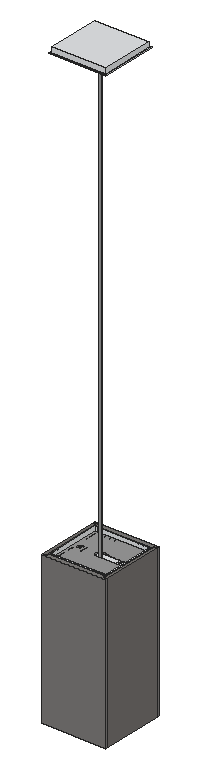
Revit family "Lighting - Lumetta - Pendant - P21618A", category Lighting Fixtures, host Ceiling, Revit 2015
Parameters
  Wattage = 14.4067 W
  built-in parameter 1150110 = 1 (stored number, unit not read)
  URL = "https://lumetta.com/luminaires/linear-acoustic-box-18x6-pendant/"
  built-in parameter 1114217 = 1 (stored number, unit not read)
  Top Lens-Material [instance] = Acrylic - 2447 - White
  Top Lens [instance] = yes
  built-in parameter 1150109 = 1 (stored number, unit not read)
  built-in parameter 1150134 = (empty or 0)
  Suspension [instance] = 1
  built-in parameter 1150113 = 1 (stored number, unit not read)
  P21618A URL [instance] = "https://lumetta.com/luminaires/linear-acoustic-box-18x6-pendant/"
  NON Stem Canopy [instance] = not(Suspension = 3)  # yes
  Model = "P21618A"  # constant formula
  Manufacturer = "Lumetta, Inc."  # constant formula
  Lumens = 2140 lm
  built-in parameter 1150115 = 1 (stored number, unit not read)
  built-in parameter 1150105 = 170.3 (stored number, unit not read)
  Light Source Symbol Size = 0' - 1"
  built-in parameter 1150137 = (empty or 0)
  built-in parameter 1150139 = (empty or 0)
  built-in parameter 1150112 = 1 (stored number, unit not read)
  built-in parameter 1150114 = 1 (stored number, unit not read)
  built-in parameter 1150132 = 2
  built-in parameter 1150102 = (empty or 0)
  built-in parameter 1150138 = (empty or 0)
  built-in parameter 1150107 = 3000 (stored number, unit not read)
  built-in parameter 1150106 = 1.703 (stored number, unit not read)
  Frame Finish [instance] = Paint - Lumetta - F11 - PC_White
  Fixture Drop [instance] = 4' - 0"
  built-in parameter 1150104 = 13.8 (stored number, unit not read)
  Dimming Lamp Color Temperature Shift = (empty or 0)
  Diffuser Material-Shade 1 [instance] = Shade - Lumetta - D803-AC-Oat
  Diffuser Material-Shade 2 [instance] = Shade - Lumetta - D804-Earth-Brown
  Description = "Linear Acoustic Box 18×6 Pendant"  # constant formula
  Coupling-Stems over 60 inches [instance] = and(Stem Hung, Fixture Drop > 5' 0")  # no
  Cord Color [instance] = Cord, Black
  Cone Nut-STD-2-3Wire [instance] = Suspension = 1  # yes
  Color Filter = 16777215
  Bushing-LED-4Wire [instance] = Suspension = 2  # no
  Bottom Lens-Material [instance] = Acrylic - P95 - Etched White
  Bottom Lens [instance] = no
  built-in parameter 1114218 = 1 (stored number, unit not read)
  built-in parameter 1150133 = 10 (stored number, unit not read)
  Stem Hung [instance] = Suspension = 3  # no
  1CRD-LED-4Wire [instance] = or(Suspension = 1, Suspension = 2)  # yes
  1 CRD-STD [instance] = or(Suspension = 1, Suspension = 2)  # yes
Reference planes (in)
  plane 1 "Light Source Axis (F/B)": y = 0
  plane 2 "Ceiling": z = 98.08023
  plane 3 "Light Source Axis (L/R)": x = 0
  plane 4 "Light Source Elevation": z = 47.45523
  plane 5 "Fixture Top": z = 50.08023
  plane 6 "Fixture-Height": z = 34.08023
  plane 7 "Lamping Start": z = 47.38052
  plane 8 "Frame Length-Left": x = -3
  plane 9 "Frame Length-Right": x = 3
  plane 10 "Frame Width-TOP": y = 3
  plane 11 "Frame Width-BTM": y = -3
  plane 12 "Shadow Tabs": through (-5.75, -5.75, 90) normal (-0.7071, 0.7071, 0)
Forms (in)
  Extrusion 1, solid, material "Paint - Lumetta - F11 - PC_White" <- "Frame Finish", visible <- "NON Stem Canopy"
    sketch origin (0, 0, 98.08023) x (1, 0, 0) y (0, 1, 0)
      loop
        line (-2.875, -2.875) -> (2.875, -2.875) -> (2.875, 2.875) -> (-2.875, 2.875) -> (-2.875, -2.875)
    from 0 to -0.51061
  Extrusion 2, solid, material "Paint - Lumetta - F11 - PC_White" <- "Frame Finish"
    sketch origin (0, 0, 34.08023) x (-1, 0, 0) y (0, -1, 0)
      loop
        line (3, -3) -> (3, 3) -> (-3, 3) -> (-3, -3) -> (3, -3)
      loop
        arc (2.39063, -2.5) -> (2.46796, -2.46796) -> (2.5, -2.39063) r 0.10938
        line (2.5, -2.39063) -> (2.5, 2.39062)
        arc (2.5, 2.39062) -> (2.46796, 2.46796) -> (2.39063, 2.5) r 0.10938
        line (2.39063, 2.5) -> (-2.39062, 2.5)
        arc (-2.39062, 2.5) -> (-2.46796, 2.46796) -> (-2.5, 2.39062) r 0.10938
        line (-2.5, 2.39062) -> (-2.5, -2.39063)
        arc (-2.5, -2.39063) -> (-2.46796, -2.46796) -> (-2.39062, -2.5) r 0.10938
        line (-2.39062, -2.5) -> (2.39063, -2.5)
    from 0 to 0.39015
  Extrusion 3, void
    sketch origin (0, 0, 34.08023) x (-1, 0, 0) y (0, -1, 0)
      loop
        line (2.9375, -2.9375) -> (2.9375, 2.9375) -> (-2.9375, 2.9375) -> (-2.9375, -2.9375) -> (2.9375, -2.9375)
    from 0.0625 to 0.64163
  Extrusion 4, solid, material "Paint - Lumetta - F11 - PC_White" <- "Frame Finish"
    sketch origin (0, 0, 36.01773) x (0, -1, 0) y (1, 0, 0)
      loop
        line (-3, 3) -> (-3, 2.5625) -> (-2.9375, 2.5625) -> (-2.9375, 2.9375) -> (-2.5625, 2.9375) -> (-2.5625, 3) -> (-3, 3)
      loop
        line (-3, -3) -> (-2.5625, -3) -> (-2.5625, -2.9375) -> (-2.9375, -2.9375) -> (-2.9375, -2.5625) -> (-3, -2.5625) -> (-3, -3)
      loop
        line (3, -3) -> (3, -2.5625) -> (2.9375, -2.5625) -> (2.9375, -2.9375) -> (2.5625, -2.9375) -> (2.5625, -3) -> (3, -3)
      loop
        line (3, 3) -> (2.5625, 3) -> (2.5625, 2.9375) -> (2.9375, 2.9375) -> (2.9375, 2.5625) -> (3, 2.5625) -> (3, 3)
    from -1.9375 to 14.0625
  Extrusion 5, solid, material "Paint - Lumetta - F11 - PC_White" <- "Frame Finish", visible <- "NON Stem Canopy"
    sketch origin (18, 0.5, 98.08023) x (1, 0, 0) y (0, 1, 0)
      loop
        line (-21, -3.5) -> (-15, -3.5) -> (-15, 2.5) -> (-21, 2.5) -> (-21, -3.5)
      loop
        circle (-18, -0.5) r 0.34375
    from -0.58679 to -0.51061
  Revolve 6, solid, material "Paint - Lumetta - F11 - PC_White" <- "Frame Finish", visible <- "Cone Nut-STD-2-3Wire"
    sketch origin (0, 0, 0) x (1, 0, 0) y (0, 0, 1)
      loop
        line (0, 97.49343) -> (0, 96.99343) -> (0.28122, 96.99343) -> (0.37341, 97.49343) -> (0, 97.49343)
      axis (0, 96.99343) -> (0, 97.49343)
    angle from 0 to 360
  Extrusion 7, solid, material "Cord, Black" <- "Cord Color", visible <- "1 CRD-STD"
    sketch origin (0, 0, 98.08023) x (1, 0, 0) y (0, 1, 0)
      loop
        circle (0, 0) r 0.1566
    from -0.51061 to -49.03586
  Extrusion 8, solid, material "Paint - Lumetta - F11 - PC_White" <- "Frame Finish", visible <- "Stem Hung"
    sketch origin (0, 0, 98.08023) x (1, 0, 0) y (0, 1, 0)
      loop
        circle (0, 0) r 0.25
    from 0 to -48.56826
  Revolve 9, solid, material "Paint - Lumetta - F11 - PC_White" <- "Frame Finish", visible <- "Stem Hung"
    sketch origin (0, 0, 0) x (1, 0, 0) y (0, 0, 1)
      loop
        line (0, 95.47477) -> (0.34943, 95.47477)
        arc (0.34943, 95.47477) -> (0.55736, 95.72688) -> (0.60533, 96.05014) r 0.61
        line (0.60533, 96.05014) -> (0, 96.05014) -> (0, 95.47477)
      axis (0, 95.47477) -> (0, 96.05014)
    angle from 0 to 360
  Extrusion 10, solid, material "Paint - Lumetta - F11 - PC_White" <- "Frame Finish", visible <- "Bushing-LED-4Wire"
    sketch origin (0, 0, 98.08023) x (1, 0, 0) y (0, 1, 0)
      loop
        circle (0, 0) r 0.37341
      loop
        circle (0, 0) r 0.25
    from -0.66289 to -0.58679
  Extrusion 11, solid, material "Acrylic - P95 - Etched White" <- "Bottom Lens-Material", visible <- "Bottom Lens"
    sketch origin (0, 0, 34.08023) x (-1, 0, 0) y (0, -1, 0)
      loop
        line (2.875, -2.875) -> (2.875, 2.875) -> (-2.875, 2.875) -> (-2.875, -2.875) -> (2.875, -2.875)
    from 0.0625 to 0.1875
  Extrusion 12, solid, material "Paint - Lumetta - F11 - PC_White" <- "Frame Finish", visible <- "Stem Hung"
    sketch origin (0, 0, 98.08023) x (1, 0, 0) y (0, 1, 0)
      loop
        line (-3, 3) -> (-3, -3) -> (3, -3) -> (3, 3) -> (-3, 3)
      loop
        circle (0, 0) r 0.53125
    from -2.30546 to -2.23116
  Extrusion 13, solid, material "Paint - Lumetta - F11 - PC_White" <- "Frame Finish", visible <- "Stem Hung"
    sketch origin (0, 0, 98.08023) x (1, 0, 0) y (0, 1, 0)
      loop
        line (-2.875, 2.875) -> (-2.875, -2.875) -> (2.875, -2.875) -> (2.875, 2.875) -> (-2.875, 2.875)
    from -2.23116 to 0
  Extrusion 14, solid, material "Paint - Lumetta - F11 - PC_White"
    sketch origin (0, 0, 50.08023) x (0, -1, 0) y (1, 0, 0)
      loop
        circle (0, 2.125) r 0.09399
      loop
        circle (0, -2.125) r 0.09391
      loop
        line (-1.25, -2.375) -> (1.25, -2.375) -> (1.25, 2.375) -> (-1.25, 2.375) -> (-1.25, -2.375)
    from -0.56826 to -0.50686
  Extrusion 15, solid, material "Paint - Lumetta - F11 - PC_White" <- "Frame Finish"
    sketch origin (0, 0, 50.08023) x (0, -1, 0) y (1, 0, 0)
      loop
        circle (0, 2.125) r 0.106
      loop
        circle (0, -2.125) r 0.106
      loop
        line (2.53838, 2.625) -> (0.54642, 2.625)
        arc (0.54642, 2.625) -> (0.49328, 2.60299) -> (0.47127, 2.54985) r 0.07515
        line (0.47127, 2.54985) -> (0.47127, 1.85526) -> (-0.52873, 1.85526) -> (-0.52873, 2.54985)
        arc (-0.52873, 2.54985) -> (-0.55074, 2.60299) -> (-0.60388, 2.625) r 0.07515
        line (-0.60388, 2.625) -> (-2.56137, 2.625)
        arc (-2.56137, 2.625) -> (-2.60636, 2.60636) -> (-2.625, 2.56137) r 0.06363
        line (-2.625, 2.56137) -> (-2.625, -2.49287)
        arc (-2.625, -2.49287) -> (-2.5863, -2.5863) -> (-2.49287, -2.625) r 0.13213
        line (-2.49287, -2.625) -> (-0.67238, -2.625)
        arc (-0.67238, -2.625) -> (-0.5708, -2.58293) -> (-0.52873, -2.48135) r 0.14365
        line (-0.52873, -2.48135) -> (-0.52873, -1.68401) -> (0.47127, -1.68401) -> (0.47127, -2.48135)
        arc (0.47127, -2.48135) -> (0.51334, -2.58293) -> (0.61492, -2.625) r 0.14365
        line (0.61492, -2.625) -> (2.46988, -2.625)
        arc (2.46988, -2.625) -> (2.57957, -2.57957) -> (2.625, -2.46988) r 0.15512
        line (2.625, -2.46988) -> (2.625, 2.53838)
        arc (2.625, 2.53838) -> (2.59963, 2.59963) -> (2.53838, 2.625) r 0.08662
      loop
        line (3, -3) -> (3, 3) -> (-3, 3) -> (-3, -3) -> (3, -3)
    from -0.50686 to 0
  Extrusion 16, solid, material "Acrylic - 2447 - White" <- "Top Lens-Material", visible <- "Top Lens"
    sketch origin (0, 0, 50.08023) x (0, -1, 0) y (1, 0, 0)
      loop
        line (2.625, 2.875) -> (0.4375, 2.875)
        arc (0.4375, 2.875) -> (0.34911, 2.83839) -> (0.3125, 2.75) r 0.125
        line (0.3125, 2.75) -> (0.3125, 0.35355)
        arc (0.3125, 0.35355) -> (0.31965, 0.31189) -> (0.34028, 0.27499) r 0.125
        arc (0.34028, 0.27499) -> (0, -0.4375) -> (-0.34028, 0.27499) r 0.4375
        arc (-0.34028, 0.27499) -> (-0.31965, 0.31189) -> (-0.3125, 0.35355) r 0.125
        line (-0.3125, 0.35355) -> (-0.3125, 2.75)
        arc (-0.3125, 2.75) -> (-0.34911, 2.83839) -> (-0.4375, 2.875) r 0.125
        line (-0.4375, 2.875) -> (-2.625, 2.875)
        arc (-2.625, 2.875) -> (-2.80178, 2.80178) -> (-2.875, 2.625) r 0.25
        line (-2.875, 2.625) -> (-2.875, -2.625)
        arc (-2.875, -2.625) -> (-2.80178, -2.80178) -> (-2.625, -2.875) r 0.25
        line (-2.625, -2.875) -> (2.625, -2.875)
        arc (2.625, -2.875) -> (2.80178, -2.80178) -> (2.875, -2.625) r 0.25
        line (2.875, -2.625) -> (2.875, 2.625)
        arc (2.875, 2.625) -> (2.80178, 2.80178) -> (2.625, 2.875) r 0.25
      loop
        circle (0, -2.125) r 0.26562
    from -0.44014 to -0.38558
  Revolve 17, solid, material "Paint - Lumetta - F11 - PC_White" <- "Frame Finish", visible <- "Coupling-Stems over 60 inches"
    sketch origin (0, 0, 0) x (1, 0, 0) y (0, 0, 1)
      loop
        line (0, 110.34339) -> (0, 109.82777) -> (0.2625, 109.82777)
        arc (0.2625, 109.82777) -> (0.31245, 109.87549) -> (0.26706, 109.92756) r 0.05
        arc (0.26706, 109.92756) -> (0.29372, 110.08584) -> (0.26313, 110.2434) r 0.45
        arc (0.26313, 110.2434) -> (0.3125, 110.29371) -> (0.2625, 110.34339) r 0.05
        line (0.2625, 110.34339) -> (0, 110.34339)
      axis (0, 109.82777) -> (0, 110.34339)
    angle from 0 to 360
  Revolve 18, solid, material "Paint - Lumetta - F11 - PC_White" <- "Frame Finish", visible <- "Bushing-LED-4Wire"
    sketch origin (0, 0, 0) x (1, 0, 0) y (0, 0, 1)
      loop
        arc (-1.9375, 97.14968) -> (-1.75, 97.33718) -> (-1.9375, 97.52468) r 0.1875
        line (-1.9375, 97.52468) -> (-1.9375, 97.14968)
      axis (-1.9375, 97.52468) -> (-1.9375, 97.14968)
    angle from 0 to 360
  Revolve 19, solid, material "Paint - Lumetta - F11 - PC_White" <- "Frame Finish", visible <- "Bushing-LED-4Wire"
    sketch origin (0, 0, 0) x (-1, 0, 0) y (0, 0, 1)
      loop
        arc (-1.9375, 97.14968) -> (-1.75, 97.33718) -> (-1.9375, 97.52468) r 0.1875
        line (-1.9375, 97.52468) -> (-1.9375, 97.14968)
      axis (-1.9375, 97.52468) -> (-1.9375, 97.14968)
    angle from 0 to 360
  Revolve 20, solid, material "Paint - Lumetta - F11 - PC_White" <- "Frame Finish", visible <- "Stem Hung"
    sketch origin (0, 0, -1.71866) x (1, 0, 0) y (0, 0, 1)
      loop
        arc (-1.9375, 97.14968) -> (-1.75, 97.33718) -> (-1.9375, 97.52468) r 0.1875
        line (-1.9375, 97.52468) -> (-1.9375, 97.14968)
      axis (-1.9375, 97.52468) -> (-1.9375, 97.14968)
    angle from 0 to 360
  Revolve 21, solid, material "Paint - Lumetta - F11 - PC_White" <- "Frame Finish", visible <- "Stem Hung"
    sketch origin (0, 0, -1.71866) x (-1, 0, 0) y (0, 0, 1)
      loop
        arc (-1.9375, 97.14968) -> (-1.75, 97.33718) -> (-1.9375, 97.52468) r 0.1875
        line (-1.9375, 97.52468) -> (-1.9375, 97.14968)
      axis (-1.9375, 97.52468) -> (-1.9375, 97.14968)
    angle from 0 to 360
  Extrusion 22, void
    sketch origin (0, 0, 50.08023) x (0, -1, 0) y (1, 0, 0)
      loop
        line (-2.9375, -2.9375) -> (2.9375, -2.9375) -> (2.9375, 2.9375) -> (-2.9375, 2.9375) -> (-2.9375, -2.9375)
    from -0.44014 to 0
  Extrusion 23, solid, material "Shade - Lumetta - D803-AC-Oat" <- "Diffuser Material-Shade 1"
    sketch origin (0, 0, 50.08023) x (0, -1, 0) y (1, 0, 0)
      loop
        line (-3.51342, -3.375) -> (-3.32592, -3.375) -> (-3.32592, -3) -> (-3, -3) -> (-3, 3) -> (-3.32592, 3) -> (-3.32592, 3.375) -> (-3.51342, 3.375) -> (-3.51342, -3.375)
      loop
        line (3.51342, -3.375) -> (3.51342, 3.375) -> (3.32592, 3.375) -> (3.32592, 3) -> (3, 3) -> (3, -3) -> (3.32592, -3) -> (3.32592, -3.375) -> (3.51342, -3.375)
    from -16 to 0
  Extrusion 24, solid, material "Shade - Lumetta - D804-Earth-Brown" <- "Diffuser Material-Shade 2"
    sketch origin (0, 0, 50.08023) x (0, -1, 0) y (1, 0, 0)
      loop
        line (-3.32592, -3.375) -> (3.32592, -3.375) -> (3.32592, -3) -> (-3.32592, -3) -> (-3.32592, -3.375)
      loop
        line (-3.32592, 3.375) -> (-3.32592, 3) -> (3.32592, 3) -> (3.32592, 3.375) -> (-3.32592, 3.375)
    from -16 to 0
Cuts and joins
  Extrusion 3 cuts Extrusion 2
  Extrusion 22 cuts Extrusion 4
  Extrusion 22 cuts Extrusion 15
Dimensions and locks (in)
  equal spacing: host sketch curve, plane 3 "Light Source Axis (L/R)", host sketch curve
  equal spacing: host sketch curve, plane 1 "Light Source Axis (F/B)", host sketch curve
  host sketch curve to host sketch curve = 10' - 0"  (x2)
  locked: plane 5 "Fixture Top" to plane 4 "Light Source Elevation" at 2.625
  plane 5 "Fixture Top" to plane 6 "Fixture-Height" = 1' - 4"
  locked: Extrusion 5 to Revolve 6 sketch curve at 0.5
  locked: Extrusion 10 sketch curve to plane 3 "Light Source Axis (L/R)" at 0
  plane 5 "Fixture Top" to plane 7 "Lamping Start" = 0' - 2.69971"
  locked: cut or joined group of Extrusion 2, Extrusion 3 to plane 6 "Fixture-Height" at 0.0625
  plane 3 "Light Source Axis (L/R)" to Revolve 6 sketch curve = 0' - 0"
  Extrusion 7 sketch curve to plane 3 "Light Source Axis (L/R)" = 0' - 0"
  equal spacing: plane 8 "Frame Length-Left", plane 3 "Light Source Axis (L/R)", plane 9 "Frame Length-Right"
  locked: plane 8 "Frame Length-Left" to plane 9 "Frame Length-Right" at 6
  equal spacing: plane 10 "Frame Width-TOP", plane 1 "Light Source Axis (F/B)", plane 11 "Frame Width-BTM"
  locked: plane 10 "Frame Width-TOP" to plane 11 "Frame Width-BTM" at 6
  locked: Extrusion 4 sketch curve to plane 8 "Frame Length-Left" at 0  (x2)
  locked: Extrusion 4 sketch curve to plane 10 "Frame Width-TOP" at 0  (x2)
  Extrusion 4 sketch curve to plane 11 "Frame Width-BTM" = 0' - 0"
  locked: Extrusion 4 sketch curve to plane 9 "Frame Length-Right" at 0  (x2)
  locked: Extrusion 4 sketch curve to plane 11 "Frame Width-BTM" at 0
  locked: Extrusion 4 sketch curve to plane 10 "Frame Width-TOP" at 0.4375
  locked: Extrusion 4 sketch curve to plane 11 "Frame Width-BTM" at 0.4375
  locked: plane 10 "Frame Width-TOP" to Extrusion 4 sketch curve at 0.4375
  locked: plane 11 "Frame Width-BTM" to Extrusion 4 sketch curve at 0.4375
  locked: plane 8 "Frame Length-Left" to Extrusion 3 sketch curve at 0.0625
  locked: Extrusion 3 sketch curve to plane 9 "Frame Length-Right" at 0.0625
  locked: plane 8 "Frame Length-Left" to Extrusion 2 sketch curve
  locked: Extrusion 2 sketch curve to Extrusion 2 sketch curve at 0.5  (x2)
  locked: Extrusion 2 sketch curve to plane 9 "Frame Length-Right"
  equal spacing: Extrusion 5 sketch curve, plane 1 "Light Source Axis (F/B)", Extrusion 5 sketch curve
  equal spacing: Extrusion 5 sketch curve, plane 3 "Light Source Axis (L/R)", Extrusion 5 sketch curve
  locked: Extrusion 5 sketch curve to Extrusion 5 sketch curve at 6  (x2)
  locked: Extrusion 5 to Extrusion 1 sketch curve at 0.125  (x3)
  locked: Extrusion 1 sketch curve to Extrusion 5 at 0.125
  locked: Extrusion 4 to plane 6 "Fixture-Height" at 0
  Extrusion 10 sketch curve to Extrusion 10 sketch curve = 0' - 0"
  locked: Revolve 6 sketch curve to Revolve 6 sketch curve at 0
  locked: Revolve 6 sketch curve to Revolve 6 sketch curve at 0.28122
  locked: Revolve 6 sketch curve to Revolve 6 sketch curve at 0.37341
  Extrusion 5 to Revolve 9 sketch curve = 0' - 2.01866"
  locked: plane 3 "Light Source Axis (L/R)" to Revolve 9 sketch curve at 0
  locked: plane 2 "Ceiling" to Extrusion 1 at 0.51061
  locked: Extrusion 1 to Extrusion 5 at 0.07619
  locked: Extrusion 5 to Extrusion 10 at 0.07609
  locked: Extrusion 12 sketch curve to Extrusion 5  (x4)
  locked: Extrusion 12 to Extrusion 12 at 0.07429
  locked: plane 2 "Ceiling" to Extrusion 12 at 2.23116
  locked: Extrusion 12 to Extrusion 13 sketch curve at 0.125  (x3)
  locked: Extrusion 13 sketch curve to Extrusion 12 at 0.125
  locked: Extrusion 4 sketch curve to Extrusion 4 sketch curve at 0.4375  (x4)
  locked: Extrusion 4 sketch curve to Extrusion 4 sketch curve at 0.0625  (x8)
  locked: cut or joined group of Extrusion 2, Extrusion 3 to plane 6 "Fixture-Height" at 0.39015
  locked: Extrusion 2 sketch curve to plane 10 "Frame Width-TOP" at 0.5
  locked: Extrusion 2 sketch curve to plane 11 "Frame Width-BTM" at 0.5
  locked: Extrusion 3 sketch curve to plane 10 "Frame Width-TOP" at 0.0625
  locked: Extrusion 3 sketch curve to plane 11 "Frame Width-BTM" at 0.0625
  locked: Revolve 9 sketch curve to Extrusion 12 at 0.2
  locked: Extrusion 12 to Revolve 9 sketch curve at 0.3
  locked: Revolve 17 sketch curve to Revolve 17 sketch curve at 0.05  (x2)
  locked: plane 3 "Light Source Axis (L/R)" to Revolve 17 sketch curve at 0.15625
  locked: Revolve 17 sketch curve to plane 3 "Light Source Axis (L/R)" at 0.2625  (x2)
  locked: Revolve 17 sketch curve to Revolve 17 sketch curve at 0.51563
  locked: host ceiling to plane 2 "Ceiling"
  plane 5 "Fixture Top" to Extrusion 14 = 0' - 0.50686"
  locked: Extrusion 14 to Extrusion 14 at 0.06141
  locked: Extrusion 5 to Revolve 18 sketch curve at 0.15625
  plane 3 "Light Source Axis (L/R)" to Revolve 18 sketch curve = 0' - 1 15/16"
  locked: Extrusion 16 to Extrusion 16 at 0.05456
  locked: plane 5 "Fixture Top" to cut or joined group of Extrusion 15, Extrusion 22 at 0.50686
  "Fixture Drop": plane 2 "Ceiling" to plane 5 "Fixture Top"
  locked: Revolve 17 sketch curve to plane 5 "Fixture Top" at 60
  locked: Extrusion 15 sketch curve to Extrusion 15 sketch curve at 6  (x2)
  locked: Extrusion 15 sketch curve to Extrusion 15 sketch curve at 0.375  (x6)
  locked: Extrusion 15 sketch curve to Extrusion 15 sketch curve at 3.53927
  locked: Extrusion 15 sketch curve to Extrusion 15 sketch curve at 4.25
  locked: Extrusion 15 sketch curve to Extrusion 15 sketch curve at 1  (x2)
  plane 3 "Light Source Axis (L/R)" to Extrusion 15 sketch curve = 0' - 3"
  locked: Extrusion 15 sketch curve to Extrusion 15 sketch curve at 3  (x2)
  locked: plane 1 "Light Source Axis (F/B)" to Extrusion 15 sketch curve
  locked: plane 3 "Light Source Axis (L/R)" to Extrusion 14 sketch curve at 2.125
  Extrusion 14 sketch curve to plane 3 "Light Source Axis (L/R)" = 0' - 2 1/8"
  locked: plane 3 "Light Source Axis (L/R)" to Extrusion 15 sketch curve at 2.125
  locked: Extrusion 14 sketch curve to Extrusion 14 sketch curve at 2.5
  locked: plane 1 "Light Source Axis (F/B)" to Extrusion 14 sketch curve at 1.25
  locked: plane 3 "Light Source Axis (L/R)" to Extrusion 14 sketch curve at 2.375
  Extrusion 14 sketch curve to plane 3 "Light Source Axis (L/R)" = 0' - 2 3/8"
  locked: Extrusion 16 sketch curve to Extrusion 16 sketch curve at 5.75  (x3)
  locked: Extrusion 16 sketch curve to plane 1 "Light Source Axis (F/B)"
  locked: Extrusion 16 sketch curve to plane 3 "Light Source Axis (L/R)" at 0
  locked: plane 1 "Light Source Axis (F/B)" to Extrusion 11 sketch curve at 2.875  (x2)
  locked: Extrusion 11 sketch curve to plane 3 "Light Source Axis (L/R)" at 2.875
  locked: plane 3 "Light Source Axis (L/R)" to Extrusion 11 sketch curve at 2.875
  locked: Extrusion 23 sketch curve to Extrusion 23 sketch curve at 0.1875  (x4)
  locked: Extrusion 23 sketch curve to Extrusion 23 sketch curve at 0.375  (x4)
  plane 9 "Frame Length-Right" to Extrusion 23 sketch curve = 0' - 0"
  Extrusion 23 sketch curve to plane 8 "Frame Length-Left" = 0' - 0"
  plane 3 "Light Source Axis (L/R)" to Extrusion 23 = 0' - 3 3/8"
  aligned and locked: plane 3 "Light Source Axis (L/R)" to imposter light
  aligned and locked: plane 1 "Light Source Axis (F/B)" to imposter light
  aligned and locked: plane 4 "Light Source Elevation" to imposter light
  aligned and locked: Extrusion 7 to Extrusion 1
  aligned and locked: plane 2 "Ceiling" to Extrusion 8
  aligned and locked: Extrusion 2 to plane 6 "Fixture-Height"
  aligned and locked: Extrusion 4 to plane 5 "Fixture Top"
  aligned and locked: Extrusion 5 to Extrusion 1
  aligned and locked: Extrusion 10 to Extrusion 5
  aligned and locked: Extrusion 13 to Extrusion 12
  aligned and locked: plane 2 "Ceiling" to Extrusion 13
  aligned and locked: Extrusion 14 to Extrusion 8
  aligned and locked: Revolve 18 sketch curve to Revolve 18 sketch curve
  aligned and locked: Revolve 19 sketch curve to Revolve 19 sketch curve
  aligned and locked: Revolve 20 sketch curve to Revolve 20 sketch curve
  aligned and locked: Revolve 21 sketch curve to Revolve 21 sketch curve
  aligned and locked: Extrusion 15 to plane 5 "Fixture Top"
  aligned and locked: Extrusion 22 to Extrusion 16
  aligned and locked: Extrusion 22 to plane 5 "Fixture Top"
  aligned and locked: Extrusion 14 to cut or joined group of Extrusion 15, Extrusion 22
  aligned and locked: Extrusion 23 to cut or joined group of Extrusion 2, Extrusion 3
  aligned and locked: Extrusion 23 to plane 5 "Fixture Top"
  aligned and locked: Extrusion 24 to plane 5 "Fixture Top"
  aligned and locked: Extrusion 24 to cut or joined group of Extrusion 2, Extrusion 3
Automatic sketch dimensions
  Extrusion 2 sketch curve to plane 10 "Frame Width-TOP" = 0' - 0"
  Extrusion 2 sketch curve to plane 11 "Frame Width-BTM" = 0' - 0"
  Extrusion 2 sketch curve to Extrusion 2 sketch curve = 0' - 0 7/64"  (x4)
  plane 1 "Light Source Axis (F/B)" to Extrusion 5 sketch curve = 0' - 0"
  Extrusion 5 sketch curve to plane 3 "Light Source Axis (L/R)" = 0' - 0"
  plane 1 "Light Source Axis (F/B)" to Extrusion 7 sketch curve = 0' - 0"
  plane 1 "Light Source Axis (F/B)" to Extrusion 8 sketch curve = 0' - 0"
  Extrusion 8 sketch curve to plane 3 "Light Source Axis (L/R)" = 0' - 0"
  Extrusion 10 sketch curve to Extrusion 10 sketch curve = 0' - 0"
  plane 1 "Light Source Axis (F/B)" to Extrusion 10 sketch curve = 0' - 0"
  plane 1 "Light Source Axis (F/B)" to Extrusion 12 sketch curve = 0' - 0"
  Extrusion 12 sketch curve to plane 3 "Light Source Axis (L/R)" = 0' - 0"
  plane 1 "Light Source Axis (F/B)" to Extrusion 14 sketch curve = 0' - 0"  (x2)
  Extrusion 22 sketch curve to plane 12 "Shadow Tabs" = 0' - 0"  (x2)
  Extrusion 22 sketch curve to plane 9 "Frame Length-Right" = 0' - 0 1/16"
  plane 8 "Frame Length-Left" to Extrusion 22 sketch curve = 0' - 0 1/16"
  Extrusion 15 sketch curve to Extrusion 15 sketch curve = 0' - 0.13213"
  Extrusion 15 sketch curve to Extrusion 15 sketch curve = 0' - 0.06363"
  Extrusion 15 sketch curve to plane 1 "Light Source Axis (F/B)" = 0' - 0.60388"
  Extrusion 15 sketch curve to plane 1 "Light Source Axis (F/B)" = 0' - 0.67238"
  Extrusion 15 sketch curve to plane 1 "Light Source Axis (F/B)" = 0' - 0.52873"
  Extrusion 15 sketch curve to Extrusion 15 sketch curve = 0' - 0.14365"  (x2)
  Extrusion 15 sketch curve to Extrusion 15 sketch curve = 0' - 0.07515"
  Extrusion 15 sketch curve to Extrusion 15 sketch curve = 0' - 0.15512"
  Extrusion 15 sketch curve to Extrusion 15 sketch curve = 0' - 0.08662"
  Extrusion 15 sketch curve to Extrusion 15 sketch curve = 0' - 0.44099"
  Extrusion 16 sketch curve to Extrusion 16 sketch curve = 0' - 0 1/4"  (x3)
  Extrusion 16 sketch curve to plane 1 "Light Source Axis (F/B)" = 0' - 0 7/16"  (x2)
  Extrusion 16 sketch curve to Extrusion 16 sketch curve = 0' - 0 1/8"  (x3)
  Extrusion 16 sketch curve to plane 1 "Light Source Axis (F/B)" = 0' - 0"
  plane 1 "Light Source Axis (F/B)" to Extrusion 16 sketch curve = 0' - 0 5/16"
  plane 1 "Light Source Axis (F/B)" to Extrusion 16 sketch curve = 0' - 2 5/8"
  Extrusion 16 sketch curve to Extrusion 16 sketch curve = 0' - 2 3/16"
  Extrusion 16 sketch curve to Extrusion 16 sketch curve = 0' - 2 1/8"
  plane 3 "Light Source Axis (L/R)" to Extrusion 16 sketch curve = 0' - 0.35355"  (x2)
  plane 3 "Light Source Axis (L/R)" to Extrusion 16 sketch curve = 0' - 2 5/8"
  Extrusion 16 sketch curve to Extrusion 16 sketch curve = 0' - 0"
  Revolve 6 sketch curve to plane 3 "Light Source Axis (L/R)" = 0' - 0"
  Revolve 6 sketch curve to Revolve 6 sketch curve = 0' - 0 1/2"
  Revolve 6 sketch curve to Revolve 6 sketch curve = 0' - 0"
  plane 2 "Ceiling" to Revolve 6 sketch curve = 0' - 2 11/16"
  Revolve 9 sketch curve to plane 3 "Light Source Axis (L/R)" = 0' - 0"  (x2)
  Revolve 9 sketch curve to Revolve 9 sketch curve = 0' - 0.34943"
  Revolve 9 sketch curve to Revolve 9 sketch curve = 0' - 0.60533"
  Revolve 9 sketch curve to Revolve 9 sketch curve = 0' - 11.73134"
  plane 2 "Ceiling" to Revolve 9 sketch curve = 0' - 2 15/16"
  Revolve 17 sketch curve to plane 3 "Light Source Axis (L/R)" = 0' - 0"  (x2)
  Revolve 17 sketch curve to Revolve 17 sketch curve = 0' - 0.20246"
  Revolve 17 sketch curve to Revolve 17 sketch curve = 0' - 0.00063"
  Revolve 17 sketch curve to Revolve 17 sketch curve = 0' - 3 1/4"
  Revolve 17 sketch curve to Revolve 17 sketch curve = 0' - 2 63/64"
  Revolve 18 sketch curve to Revolve 18 sketch curve = 0' - 0 3/16"
  Revolve 18 sketch curve to Revolve 18 sketch curve = 0' - 0 7/8"
  Revolve 18 sketch curve to Revolve 18 sketch curve = 0' - 0"
  plane 9 "Frame Length-Right" to Revolve 19 sketch curve = 0' - 1 1/16"
  plane 2 "Ceiling" to Revolve 19 sketch curve = 0' - 0.93054"
  Revolve 19 sketch curve to Revolve 19 sketch curve = 0' - 0 3/16"
  Revolve 19 sketch curve to Revolve 19 sketch curve = 0' - 0 7/8"
  Revolve 19 sketch curve to Revolve 19 sketch curve = 0' - 0"
  plane 8 "Frame Length-Left" to Revolve 20 sketch curve = 0' - 1 1/16"
  Revolve 20 sketch curve to plane 2 "Ceiling" = 0' - 2.64921"
  Revolve 20 sketch curve to Revolve 20 sketch curve = 0' - 0 3/16"
  Revolve 20 sketch curve to Revolve 20 sketch curve = 0' - 0 7/8"
  Revolve 20 sketch curve to Revolve 20 sketch curve = 0' - 0"
  plane 9 "Frame Length-Right" to Revolve 21 sketch curve = 0' - 1 1/16"
  plane 2 "Ceiling" to Revolve 21 sketch curve = 0' - 2.64921"
  Revolve 21 sketch curve to Revolve 21 sketch curve = 0' - 0 3/16"
  Revolve 21 sketch curve to Revolve 21 sketch curve = 0' - 0 7/8"
  Revolve 21 sketch curve to Revolve 21 sketch curve = 0' - 0"
  Extrusion 23 sketch curve to plane 10 "Frame Width-TOP" = 0' - 0"
  Extrusion 23 sketch curve to plane 8 "Frame Length-Left" = 0' - 0"
  Extrusion 23 sketch curve to plane 11 "Frame Width-BTM" = 0' - 0"
  Extrusion 23 sketch curve to plane 9 "Frame Length-Right" = 0' - 0"
  plane 10 "Frame Width-TOP" to Extrusion 23 sketch curve = 0' - 0.32592"
  Extrusion 23 sketch curve to plane 11 "Frame Width-BTM" = 0' - 0.32592"
  Extrusion 24 sketch curve to plane 8 "Frame Length-Left" = 0' - 0"
  Extrusion 24 sketch curve to plane 9 "Frame Length-Right" = 0' - 0"
  plane 10 "Frame Width-TOP" to Extrusion 24 sketch curve = 0' - 0.32592"  (x2)
  Extrusion 24 sketch curve to plane 11 "Frame Width-BTM" = 0' - 0.32592"  (x2)
  Extrusion 24 sketch curve to plane 8 "Frame Length-Left" = 0' - 0 3/8"
  Extrusion 24 sketch curve to Extrusion 24 sketch curve = 0' - 0 3/8"
  radius of Extrusion 5 sketch curve = 0' - 0 11/32"
  radius of Extrusion 7 sketch curve = 0' - 0.1566"
  radius of Extrusion 8 sketch curve = 0' - 0 1/4"
  radius of Extrusion 10 sketch curve = 0' - 0.37341"
  radius of Extrusion 10 sketch curve = 0' - 0 1/4"
  radius of Extrusion 12 sketch curve = 0' - 0 17/32"
  radius of Extrusion 14 sketch curve = 0' - 0.09399"
  radius of Extrusion 14 sketch curve = 0' - 0.09391"
  radius of Extrusion 15 sketch curve = 0' - 0.106"  (x2)
  radius of Extrusion 16 sketch curve = 0' - 0 17/64"
